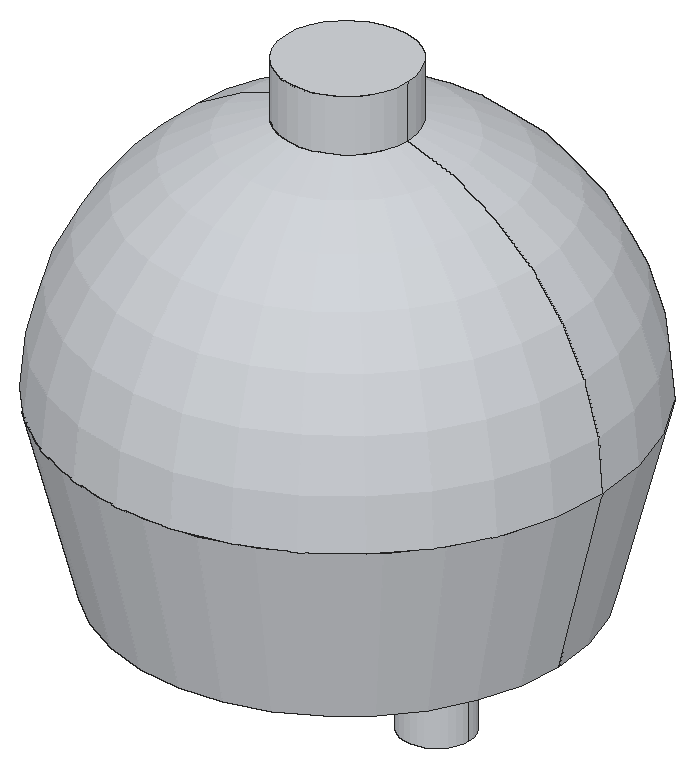
Revit family "e3cba371ecb04b95a7b66158e301fb7e", category Mechanical Equipment, Revit 2021
Family settings
  Round Connector Dimension = Use Radius
  Part Type = Normal
  OmniClass Number = 23.85.30.21.11.17
  OmniClass Title = Other Components
  Seek Item ID = Retard Chamber-0000-USA-ENU
  Work Plane-Based = No
  Always vertical = Yes
  Cut with Voids When Loaded = No
  Shared = No
  Room Calculation Point = No
Parameters (values of type "3/4"")
  Retard Chamber Material = none
  Nominal Radius = 3/8"
  Nominal Diameter = Nominal Radius * 2  # 3/4"
  Drain Radius = 1/4"
  Drain Diameter = Drain Radius * 2  # 1/2"
  Default Elevation = 0' - 0"
Reference planes (in)
  plane 1 "Center (Front/Back)": y = 0
  plane 2: z = 0
  plane 3 "Center (Left/Right)": x = 0
  plane 4: z = 1.5
  plane 5: x = -1.375
  plane 6: x = 1.375
  plane 7: z = 4.125
  plane 8: z = 8.75
  plane 9: x = -0.9375
  plane 10: x = 0.9375
  plane 11: x = 3.9375
Forms (in)
  Extrusion 1, solid, material <- "Retard Chamber Material", detail levels fine
    sketch origin (0, 0, 0) x (1, 0, 0) y (0, 1, 0)
      loop
        circle (-1.375, 0) r 0.5625
      loop
        circle (1.375, 0) r 0.5
    from 0 to 1.5
  Revolve 2, solid, material <- "Retard Chamber Material", detail levels fine
    sketch origin (0, 0, 0) x (1, 0, 0) y (0, 0, 1)
      loop
        arc (3.9375, 4.125) -> (3.09801, 6.55528) -> (0.9375, 7.94926) r 3.9375
        line (0.9375, 7.94926) -> (0, 7.94926) -> (0, 4.125) -> (3.9375, 4.125)
      axis (0, 7.94926) -> (0, 4.125)
    angle from 0 to 360
  Blend 3, solid, material <- "Retard Chamber Material", detail levels fine
    base sketch origin (0, 0, 0) x (1, 0, 0) y (0, 1, 0)
      loop
        circle (0, 0) r 3.9375
    top sketch origin (0, 0, 0) x (1, 0, 0) y (0, 1, 0)
      loop
        circle (0, 0) r 3.25
    from 4.125 to 1.5
  Extrusion 4, solid, material <- "Retard Chamber Material", detail levels fine
    sketch origin (0, 0, 0) x (1, 0, 0) y (0, 1, 0)
      loop
        circle (0, 0) r 0.9375
    from 7.94926 to 8.75
Cuts and joins
  joined: Revolve 2, Blend 3
Lines and regions (in)
  model lines, detail levels coarse+medium
    curve 1: line (0, 0, 8.75) -> (0, 0, 7.08832)
    curve 2: line (-1.375, 0, 1.5) -> (-1.375, 0, 0)
    curve 3: line (1.375, 0, 1.5) -> (1.375, 0, 0)
    curve 4: circle (0, 0, 4.125) r 2.96332 normal (0, -1, 0)
Dimensions and locks (in)
  locked: plane 4 to plane 2 at 1.5
  locked: plane 5 to plane 3 "Center (Left/Right)" at 1.375
  locked: plane 3 "Center (Left/Right)" to plane 6 at 1.375
  locked: plane 7 to plane 4 at 2.625
  locked: plane 8 to plane 7 at 4.625
  equal spacing: plane 10, plane 3 "Center (Left/Right)", plane 9
  locked: plane 10 to plane 9 at 1.875
  locked: plane 11 to plane 3 "Center (Left/Right)" at 3.9375
  radius of Extrusion 1 sketch curve = 0' - 0 1/2"
  radius of Extrusion 1 sketch curve = 0' - 0 9/16"
  radius of Revolve 2 sketch curve = 0' - 3 15/16"
  radius of Blend 3 sketch curve = 0' - 3 15/16"
  radius of Blend 3 sketch curve = 0' - 3 1/4"
  radius of Extrusion 4 sketch curve = 0' - 0 15/16"
  aligned and locked: Extrusion 1 to plane 2
  aligned and locked: plane 4 to Extrusion 1
  aligned and locked: Revolve 2 sketch curve to Revolve 2 sketch curve
  aligned and locked: Revolve 2 sketch curve to plane 3 "Center (Left/Right)"  (x2)
  aligned and locked: plane 7 to Revolve 2 sketch curve
  aligned and locked: plane 3 "Center (Left/Right)" to Revolve 2 sketch curve  (x2)
  aligned and locked: Revolve 2 sketch curve to plane 7
  aligned and locked: plane 3 "Center (Left/Right)" to Blend 3 sketch curve  (x2)
  aligned and locked: plane 1 "Center (Front/Back)" to Blend 3 sketch curve  (x2)
  aligned and locked: Blend 3 to plane 7
  aligned and locked: Blend 3 to plane 4
  aligned and locked: plane 1 "Center (Front/Back)" to Extrusion 4 sketch curve
  aligned and locked: plane 3 "Center (Left/Right)" to Extrusion 4 sketch curve
  aligned and locked: plane 8 to Extrusion 4
  aligned and locked: Extrusion 4 to cut or joined group of Revolve 2, Blend 3
  aligned and locked: plane 8 to curve 1
  aligned and locked: curve 1 to plane 3 "Center (Left/Right)"
  aligned and locked: plane 2 to curve 2
  aligned and locked: curve 2 to plane 5
  aligned and locked: plane 4 to curve 3
  aligned and locked: plane 2 to curve 3
  aligned and locked: curve 3 to plane 6
  aligned and locked: plane 7 to curve 4
  aligned and locked: plane 3 "Center (Left/Right)" to curve 4
Automatic sketch dimensions
  Extrusion 1 sketch curve to plane 1 "Center (Front/Back)" = 0' - 0"  (x2)
  Extrusion 1 sketch curve to plane 5 = 0' - 0"
  Extrusion 1 sketch curve to plane 6 = 0' - 0"
  Revolve 2 sketch curve to plane 10 = 0' - 0"
  Revolve 2 sketch curve to plane 8 = 0' - 0.30074"
  plane 8 to Revolve 2 sketch curve = 0' - 0.69926"
Connectors (in)
  piping at (-1.375, 0, 0), diameter 0.75, driven by "Nominal Radius"
    settings: on Extrusion 1, index 1, connector inside diameter 3/4", connector length 0' - 0", flow factor 0, pipe flow 0 GPM, pressure drop 0.00 psi, fitting loss kfactor 0, connector angle 0.00°, fixture units 0, engagement length 0' - 0", angle of deflection 0.00°, flow configuration 0, flow direction 1, fitting loss method 0, system type 29, joint type 0, gender type 0, connector reference index -1, connector utility 0, adjustable connector no, is connector primary yes, connector description "In"
  piping at (1.375, 0, 0), diameter 0.5, driven by "Drain Radius"
    settings: on Extrusion 1, index 2, connector inside diameter 1/2", connector length 0' - 0", flow factor 0, pipe flow 0 GPM, pressure drop 0.00 psi, fitting loss kfactor 0, connector angle 0.00°, fixture units 0, engagement length 0' - 0", angle of deflection 0.00°, flow configuration 1, flow direction 2, fitting loss method 0, system type 29, joint type 0, gender type 0, connector reference index -1, connector utility 0, adjustable connector no, is connector primary no, connector description "Drain Out"
  piping at (0, 0, 8.75), diameter 0.75, driven by "Nominal Radius"
    settings: on Extrusion 4, index 3, connector inside diameter 3/4", connector length 0' - 0", flow factor 0, pipe flow 0 GPM, pressure drop 0.00 psi, fitting loss kfactor 0, connector angle 0.00°, fixture units 0, engagement length 0' - 0", angle of deflection 0.00°, flow configuration 0, flow direction 2, fitting loss method 0, system type 29, joint type 0, gender type 0, connector reference index -1, connector utility 0, adjustable connector no, is connector primary no, connector description "Out"
